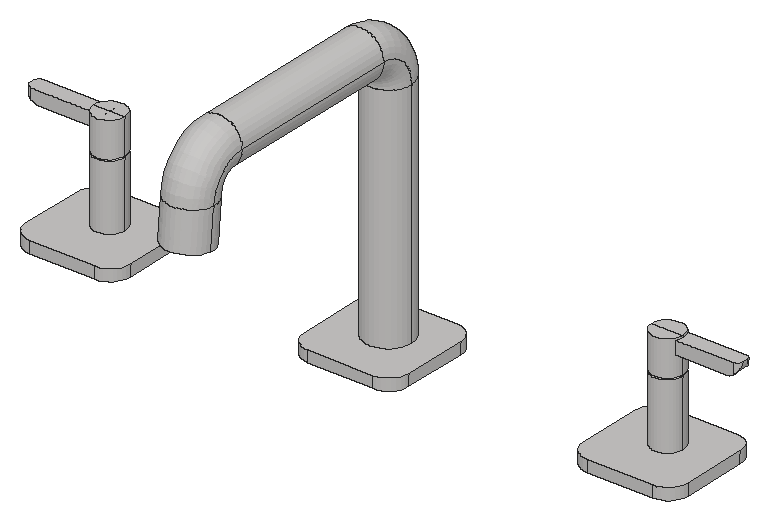
Revit family "SA-3122", category Plumbing Fixtures, Revit 2023
Family settings
  Round Connector Dimension = Use Diameter
  Part Type = Normal
  OmniClass Number = 23.45.00.00
  OmniClass Title = Sanitary, Laundry, and Cleaning Equipment
  Work Plane-Based = No
  Enable Cutting in Views = No
  Always vertical = Yes
  Cut with Voids When Loaded = No
  Maintain Annotation Orientation = No
  Shared = No
  Room Calculation Point = No
Parameters
  Default Elevation = 0"
Reference planes (in)
  plane 1 "Center (Front/Back)": y = 0
  plane 2: z = 0
  plane 3 "Center (Left/Right)": x = 0
  plane 4 "Center L/S": y = 10.6875
  plane 5: z = 0
  plane 6: x = -1.125
  plane 7: x = 4.875
  plane 8: x = 7.125
  plane 9: y = 0.97794
  plane 10: x = 1.125
  plane 11 "Center L/W": x = -6
  plane 12 "Center L/X": x = 6
  plane 13: z = 6.5
  plane 14 "Center L/Y": y = -5.3125
  plane 15: z = 4.375
  plane 16: through (0, -5.3125, 5.22582) normal (0, -0.9945, 0.1045)
  plane 17: y = -5.89706
  plane 18: z = 6.5
  plane 19: z = 2.4375
  plane 20: y = -1.27206
  plane 21: x = -4.875
  plane 22: x = -7.125
Forms (in)
  Sweep 1, solid, material "stainless steel"
    path origin (0, 0, 0) x (0, -1, 0) y (0, 0, -1)
      loop
        line (0, -0.24596) -> (0, -5.22582)
        arc (0, -5.22582) -> (0.22085, -5.75901) -> (0.75404, -5.97986) r 0.75404
        line (0.75404, -5.97986) -> (4.55846, -5.97986)
        arc (4.55846, -5.97986) -> (5.09165, -5.75901) -> (5.3125, -5.22582) r 0.75404
        line (5.3125, -5.22582) -> (5.39197, -4.375)
    profile origin (0, 0, 2.73589) x (0, -1, 0) y (1, 0, 0)
      loop
        circle (0, 0) r 0.5
  Extrusion 2, solid, material "stainless steel"
    sketch origin (-6, -5.90625, 0.71696) x (0, -1, 0) y (1, 0, 0)
      loop
        line (-6.07513, 0) -> (-6.07513, -1.55288)
        arc (-6.07513, -1.55288) -> (-6.03872, -1.63253) -> (-5.95907, -1.66894) r 0.12544
        line (-5.95907, -1.66894) -> (-5.85343, -1.66894)
        arc (-5.85343, -1.66894) -> (-5.77378, -1.63253) -> (-5.73737, -1.55288) r 0.12544
        line (-5.73737, -1.55288) -> (-5.73737, 0) -> (-6.07513, 0)
    from 1.41445 to 1.7003
  Extrusion 3, solid, material "stainless steel"
    sketch origin (0, 0, 0) x (1, 0, 0) y (0, 1, 0)
      loop
        arc (-6.69715, 0.97794) -> (-6.99969, 0.85263) -> (-7.125, 0.5501) r 0.42785
        line (-7.125, 0.5501) -> (-7.125, -0.84421)
        arc (-7.125, -0.84421) -> (-6.99969, -1.14674) -> (-6.69715, -1.27206) r 0.42785
        line (-6.69715, -1.27206) -> (-5.30285, -1.27206)
        arc (-5.30285, -1.27206) -> (-5.00031, -1.14674) -> (-4.875, -0.84421) r 0.42785
        line (-4.875, -0.84421) -> (-4.875, 0.5501)
        arc (-4.875, 0.5501) -> (-5.00031, 0.85263) -> (-5.30285, 0.97794) r 0.42785
        line (-5.30285, 0.97794) -> (-6.69715, 0.97794)
    from 0 to 0.24596
  Extrusion 4, solid, material "stainless steel"
    sketch origin (5.99035, 0, 0) x (1, 0, 0) y (0, 1, 0)
      loop
        arc (-6.69715, 0.97794) -> (-6.99969, 0.85263) -> (-7.125, 0.5501) r 0.42785
        line (-7.125, 0.5501) -> (-7.125, -0.84421)
        arc (-7.125, -0.84421) -> (-6.99969, -1.14674) -> (-6.69715, -1.27206) r 0.42785
        line (-6.69715, -1.27206) -> (-5.30285, -1.27206)
        arc (-5.30285, -1.27206) -> (-5.00031, -1.14674) -> (-4.875, -0.84421) r 0.42785
        line (-4.875, -0.84421) -> (-4.875, 0.5501)
        arc (-4.875, 0.5501) -> (-5.00031, 0.85263) -> (-5.30285, 0.97794) r 0.42785
        line (-5.30285, 0.97794) -> (-6.69715, 0.97794)
    from 0 to 0.24596
  Extrusion 5, void
    sketch origin (0, 0, 0) x (1, 0, 0) y (0, 0, 1)
      loop
        line (-7.66894, 2.41726) -> (-7.66894, 2.13141) -> (-7.38309, 2.13141)
        arc (-7.38309, 2.13141) -> (-7.58522, 2.21513) -> (-7.66894, 2.41726) r 0.28585
    from -0.16888 to 0.20557
  Revolve 6, solid, material "stainless steel"
    sketch origin (0, 0, 0) x (1, 0, 0) y (0, 0, 1)
      loop
        line (-5.6654, 2.4375) -> (-6, 2.4375) -> (-6, 0.24596) -> (-5.6654, 0.24596) -> (-5.6654, 1.65048) -> (-5.89133, 1.65048) -> (-5.89133, 1.6875) -> (-5.6654, 1.6875) -> (-5.6654, 2.4375)
      axis (-6, 2.4375) -> (-6, 0.24596)
    angle from 0 to 360
  Extrusion 7, solid, material "stainless steel"
    sketch origin (6, -5.90625, 0.71696) x (0, -1, 0) y (1, 0, 0)
      loop
        line (-6.07513, 0) -> (-5.73737, 0) -> (-5.73737, 1.55288)
        arc (-5.73737, 1.55288) -> (-5.77378, 1.63253) -> (-5.85343, 1.66894) r 0.12544
        line (-5.85343, 1.66894) -> (-5.95907, 1.66894)
        arc (-5.95907, 1.66894) -> (-6.03872, 1.63253) -> (-6.07513, 1.55288) r 0.12544
        line (-6.07513, 1.55288) -> (-6.07513, 0)
    from 1.41445 to 1.7003
  Extrusion 8, solid, material "stainless steel"
    sketch origin (0, 0, 0) x (-1, 0, 0) y (0, -1, 0)
      loop
        line (-6.69715, -0.97794) -> (-5.30285, -0.97794)
        arc (-5.30285, -0.97794) -> (-5.00031, -0.85263) -> (-4.875, -0.5501) r 0.42785
        line (-4.875, -0.5501) -> (-4.875, 0.84421)
        arc (-4.875, 0.84421) -> (-5.00031, 1.14674) -> (-5.30285, 1.27206) r 0.42785
        line (-5.30285, 1.27206) -> (-6.69715, 1.27206)
        arc (-6.69715, 1.27206) -> (-6.99969, 1.14674) -> (-7.125, 0.84421) r 0.42785
        line (-7.125, 0.84421) -> (-7.125, -0.5501)
        arc (-7.125, -0.5501) -> (-6.99969, -0.85263) -> (-6.69715, -0.97794) r 0.42785
    from 0 to 0.24596
  Extrusion 9, void
    sketch origin (0, 0, 0) x (-1, 0, 0) y (0, 0, -1)
      loop
        arc (-7.66894, -2.41726) -> (-7.58522, -2.21513) -> (-7.38309, -2.13141) r 0.28585
        line (-7.38309, -2.13141) -> (-7.66894, -2.13141) -> (-7.66894, -2.41726)
    from -0.16888 to 0.20557
  Revolve 10, solid, material "stainless steel"
    sketch origin (0, 0, 0) x (-1, 0, 0) y (0, 0, -1)
      loop
        line (-5.6654, -2.4375) -> (-5.6654, -1.6875) -> (-5.89133, -1.6875) -> (-5.89133, -1.65048) -> (-5.6654, -1.65048) -> (-5.6654, -0.24596) -> (-6, -0.24596) -> (-6, -2.4375) -> (-5.6654, -2.4375)
      axis (-6, -2.4375) -> (-6, -0.24596)
    angle from 0 to 360
Cuts and joins
  Extrusion 5, Extrusion 9 cuts Extrusion 2
  Extrusion 9 cuts Extrusion 7
Dimensions and locks (in)
  plane 7 to plane 8 = 2 1/4"
  plane 10 to plane 6 = 2 1/4"
  plane 12 "Center L/X" to plane 11 "Center L/W" = 12"
  plane 13 to level = 6 1/2"
  level to plane 15 = 4 3/8"
  plane 1 "Center (Front/Back)" to plane 14 "Center L/Y" = 5 5/16"
  plane 9 to plane 17 = 6 7/8"
  plane 18 to level = 6 1/2"
  plane 19 to level = 2 7/16"
  angle plane 14 "Center L/Y" to plane 16 = 6.00°
  aligned and locked: level to plane 2
